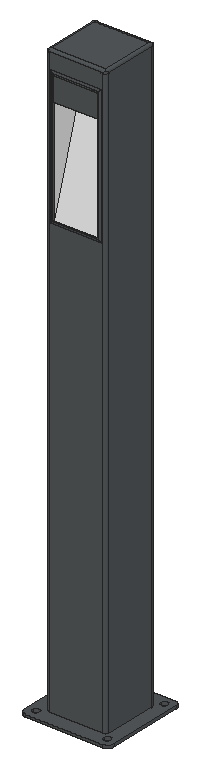
Revit family "svetilnik_alfresco_ar deko_dtu19", category Lighting Fixtures, Revit 2016 (continued)
Definition of nested family "Источник света Ар_Деко"
  Parameters (values of type "4")
           0.2       0.2       0.2       0.2       0.2       0.2       0.2       0.2\r\n       0.2       0.2       0.2       0.2       0.2       0.2       0.2       0.2\r\n       0.2       0.2       0.2       0.2       0.2       0.2       0.2       0.2\r\n       0.2       0.2       0.2       0.2       0.2       0.2       0.2       0.2\r\n       0.2       0.2       0.2       0.2       0.2       0.2       0.2       0.2\r\n       0.2       0.2       0.2       0.2       0.2       0.2       0.2       0.2\r\n       0.2       0.2       0.2       0.2       0.2       0.2       0.2       0.2\r\n       0.2       0.2       0.2       0.2       0.2       0.2       0.2       0.2\r\n       0.2       0.2       0.2       0.2       0.2       0.2       0.2       0.2\r\n       0.2       0.2       0.2       0.2       0.2       0.2       0.2       0.2\r\n       0.2       0.2       0.2       0.2       0.2       0.2       0.2       0.2\r\n       0.2       0.2       0.2       0.2       0.2       0.2       0.2       0.2\r\n       0.1       0.1       0.1       0.1       0.1       0.1       0.1       0.1\r\n       0.1       0.1       0.1       0.0       0.0       0.0       0.0       0.0\r\n       0.0       0.0       0.0       0.0       0.0\r\n       0.0       0.0       0.0       0.0       0.0       0.0       0.0       0.0\r\n       0.1       0.1       0.1       0.1       0.1       0.1       0.2       0.2\r\n       0.2       0.2       0.2       0.2       0.2       0.2       0.2       0.2\r\n       0.2       0.2       0.2       0.2       0.2       0.2       0.2       0.2\r\n       0.2       0.2       0.2       0.2       0.2       0.2       0.2       0.2\r\n       0.2       0.2       0.2       0.2       0.2       0.2       0.2       0.2\r\n       0.2       0.2       0.2       0.2       0.2       0.2       0.2       0.2\r\n       0.2       0.2       0.2       0.2       0.2       0.2       0.2       0.2\r\n       0.2       0.2       0.2       0.2       0.2       0.2       0.2       0.2\r\n       0.2       0.2       0.2       0.2       0.2       0.2       0.2       0.2\r\n       0.2       0.2       0.2       0.2       0.2       0.2       0.2       0.2\r\n       0.2       0.2       0.2       0.2       0.2       0.2       0.2       0.2\r\n       0.2       0.2       0.2       0.2       0.2       0.2       0.2       0.2\r\n       0.2       0.2       0.2       0.2       0.2       0.2       0.2       0.2\r\n       0.2       0.2       0.2       0.2       0.2       0.2       0.2       0.2\r\n       0.2       0.2       0.2       0.2       0.2       0.2       0.2       0.2\r\n       0.2       0.2       0.2       0.2       0.2       0.2       0.2       0.2\r\n       0.2       0.2       0.2       0.2       0.2       0.2       0.2       0.2\r\n       0.2       0.2       0.2       0.2       0.2       0.2       0.2       0.2\r\n       0.2       0.2       0.2       0.2       0.2       0.2       0.2       0.2\r\n       0.2       0.2       0.2       0.1       0.1       0.1       0.1       0.1\r\n       0.1       0.1       0.1       0.0       0.0       0.0       0.0       0.0\r\n       0.0       0.0       0.0       0.0       0.0\r\n       0.0       0.0       0.0       0.0       0.0       0.0       0.0       0.0\r\n       0.1       0.1       0.1       0.2       0.2       0.2       0.2       0.2\r\n       0.2       0.2       0.2       0.2       0.2       0.2       0.2       0.2\r\n       0.2       0.2       0.2       0.2       0.2       0.2       0.2       0.2\r\n       0.2       0.2       0.2       0.2       0.2       0.2       0.2       0.2\r\n       0.2       0.2       0.2       0.2       0.2       0.2       0.2       0.2\r\n       0.2       0.2       0.2       0.2       0.2       0.2       0.2       0.2\r\n       0.2       0.2       0.2       0.2       0.2       0.2       0.2       0.2\r\n       0.2       0.2       0.2       0.2       0.2       0.2       0.2       0.2\r\n       0.2       0.2       0.2       0.2       0.2       0.2       0.2       0.2\r\n       0.2       0.2       0.2       0.2       0.2       0.2       0.2       0.2\r\n       0.2       0.2       0.2       0.2       0.2       0.2       0.2       0.2\r\n       0.2       0.2       0.2       0.2       0.2       0.2       0.2       0.2\r\n       0.2       0.2       0.2       0.2       0.2       0.2       0.2       0.2\r\n       0.2       0.2       0.2       0.2       0.2       0.2       0.2       0.2\r\n       0.2       0.2       0.2       0.2       0.2       0.2       0.2       0.2\r\n       0.2       0.2       0.2       0.2       0.2       0.2       0.2       0.2\r\n       0.2       0.2       0.2       0.2       0.2       0.2       0.2       0.2\r\n       0.2       0.2       0.2       0.2       0.2       0.2       0.2       0.2\r\n       0.2       0.2       0.2       0.2       0.2       0.2       0.2       0.2\r\n       0.2       0.2       0.2       0.2       0.2       0.2       0.1       0.1\r\n       0.1       0.1       0.1       0.1       0.0       0.0       0.0       0.0\r\n       0.0       0.0       0.0       0.0       0.0\r\n       0.0       0.0       0.0       0.0       0.0       0.0       0.0       0.0\r\n       0.2       0.1       0.2       0.2       0.2       0.2       0.2       0.2\r\n       0.2       0.2       0.2       0.2       0.2       0.2       0.2       0.2\r\n       0.2       0.2       0.2       0.2       0.2       0.2       0.2       0.2\r\n       0.2       0.2       0.2       0.2       0.2       0.2       0.2       0.2\r\n       0.2       0.2       0.2       0.2       0.2       0.2       0.2       0.2\r\n       0.2       0.2       0.2       0.2       0.2       0.2       0.2       0.2\r\n       0.2       0.2       0.2       0.2       0.2       0.2       0.2       0.2\r\n       0.2       0.2       0.2       0.2       0.2       0.2       0.2       0.2\r\n       0.2       0.2       0.2       0.2       0.2       0.2       0.2       0.2\r\n       0.2       0.2       0.2       0.2       0.2       0.2       0.2       0.2\r\n       0.2       0.2       0.2       0.2       0.2       0.2       0.2       0.2\r\n       0.2       0.2       0.2       0.2       0.2       0.2       0.2       0.2\r\n       0.2       0.2       0.2       0.2       0.2       0.2       0.2       0.2\r\n       0.2       0.2       0.2       0.2       0.2       0.2       0.2       0.2\r\n       0.2       0.2       0.2       0.2       0.2       0.2       0.2       0.2\r\n       0.2       0.2       0.2       0.2       0.2       0.2       0.2       0.2\r\n       0.2       0.2       0.2       0.2       0.2       0.2       0.2       0.2\r\n       0.2       0.2       0.2       0.2       0.2       0.2       0.2       0.2\r\n       0.2       0.2       0.2       0.2       0.2       0.2       0.2       0.2\r\n       0.2       0.2       0.2       0.2       0.2       0.2       0.2       0.2\r\n       0.1       0.1       0.1       0.1       0.0       0.0       0.0       0.0\r\n       0.0       0.0       0.0       0.0       0.0\r\n       0.0       0.0       0.0       0.0       0.0       0.0       0.1       0.1\r\n       0.2       0.2       0.2       0.2       0.2       0.2       0.2       0.2\r\n       0.2       0.2       0.2       0.2       0.2       0.2       0.2       0.2\r\n       0.2       0.2       0.2       0.2       0.2       0.2       0.2       0.2\r\n       0.2       0.2       0.2       0.2       0.2       0.2       0.2       0.2\r\n       0.2       0.2       0.2       0.2       0.2       0.2       0.2       0.2\r\n       0.2       0.2       0.2       0.2       0.2       0.2       0.2       0.2\r\n       0.2       0.2       0.2       0.2       0.2       0.2       0.2       0.2\r\n       0.2       0.2       0.2       0.2       0.2       0.2       0.2       0.2\r\n       0.2       0.2       0.2       0.2       0.2       0.2       0.2       0.2\r\n       0.2       0.2       0.2       0.2       0.2       0.2       0.2       0.2\r\n       0.2       0.2       0.2       0.2       0.2       0.2       0.2       0.2\r\n       0.2       0.2       0.2       0.2       0.2       0.2       0.2       0.2\r\n       0.2       0.2       0.2       0.2       0.2       0.2       0.2       0.2\r\n       0.2       0.2       0.2       0.2       0.2       0.2       0.2       0.2\r\n       0.2       0.2       0.2       0.2       0.2       0.2       0.2       0.2\r\n       0.2       0.2       0.2       0.2       0.2       0.2       0.2       0.2\r\n       0.2       0.2       0.2       0.2       0.2       0.2       0.2       0.2\r\n       0.2       0.2       0.2       0.2       0.2       0.2       0.2       0.2\r\n       0.2       0.2       0.2       0.2       0.2       0.2       0.2       0.2\r\n       0.2       0.2       0.2       0.2       0.2       0.2       0.2       0.2\r\n       0.1       0.1       0.1       0.1       0.0       0.0       0.0       0.0\r\n       0.0       0.0       0.0       0.0       0.0\r\n       0.0       0.0       0.0       0.0       0.0       0.0       0.1       0.1\r\n       0.2       0.2       0.2       0.2       0.2       0.2       0.2       0.2\r\n       0.2       0.2       0.2       0.2       0.2       0.2       0.2       0.2\r\n       0.2       0.2       0.2       0.2       0.2       0.2       0.2       0.2\r\n       0.2       0.2       0.2       0.2       0.2       0.2       0.2       0.2\r\n       0.2       0.2       0.2       0.2       0.2       0.2       0.2       0.2\r\n       0.2       0.2       0.2       0.2       0.2       0.2       0.2       0.2\r\n       0.2       0.2       0.2       0.2       0.2       0.2       0.2       0.2\r\n       0.2       0.2       0.2       0.2       0.2       0.2       0.2       0.2\r\n       0.2       0.2       0.2       0.2       0.2       0.2       0.2       0.2\r\n       0.2       0.2       0.2       0.2       0.2       0.2       0.2       0.2\r\n       0.2       0.2       0.2       0.2       0.2       0.2       0.2       0.2\r\n       0.2       0.2       0.2       0.2       0.2       0.2       0.2       0.2\r\n       0.2       0.2       0.2       0.2       0.2       0.2       0.2       0.2\r\n       0.2       0.2       0.2       0.2       0.2       0.2       0.2       0.2\r\n       0.2       0.2       0.2       0.2       0.2       0.2       0.2       0.2\r\n       0.2       0.2       0.2       0.2       0.2       0.2       0.2       0.2\r\n       0.2       0.2       0.2       0.2       0.2       0.2       0.2       0.2\r\n       0.2       0.2       0.2       0.2       0.2       0.2       0.2       0.2\r\n       0.2       0.2       0.2       0.2       0.2       0.2       0.2       0.2\r\n       0.2       0.2       0.2       0.2       0.2       0.2       0.2       0.2\r\n       0.1       0.1       0.1       0.1       0.0       0.0       0.0       0.0\r\n       0.0       0.0       0.0       0.0       0.0\r\n       0.0       0.0       0.0       0.0       0.0       0.0       0.1       0.1\r\n       0.2       0.2       0.2       0.2       0.2       0.2       0.2       0.2\r\n       0.2       0.2       0.2       0.2       0.2       0.2       0.2       0.2\r\n       0.2       0.2       0.2       0.2       0.2       0.2       0.2       0.2\r\n       0.2       0.2       0.2       0.2       0.2       0.2       0.2       0.2\r\n       0.2       0.2       0.2       0.2       0.2       0.2       0.2       0.2\r\n       0.2       0.2       0.2       0.2       0.2       0.2       0.2       0.2\r\n       0.2       0.2       0.2       0.2       0.2       0.2       0.2       0.2\r\n       0.2       0.2       0.2       0.2       0.2       0.2       0.2       0.2\r\n       0.2       0.2       0.2       0.2       0.2       0.2       0.2       0.2\r\n       0.2       0.2       0.2       0.2       0.2       0.2       0.2       0.2\r\n       0.2       0.2       0.2       0.2       0.2       0.2       0.2       0.2\r\n       0.2       0.2       0.2       0.2       0.2       0.2       0.2       0.2\r\n       0.2       0.2       0.2       0.2       0.2       0.2       0.2       0.2\r\n       0.2       0.2       0.2       0.2       0.2       0.2       0.2       0.2\r\n       0.2       0.2       0.2       0.2       0.2       0.2       0.2       0.2\r\n       0.2       0.2       0.2       0.2       0.2       0.2       0.2       0.2\r\n       0.2       0.2       0.2       0.2       0.2       0.2       0.2       0.2\r\n       0.2       0.2       0.2       0.2       0.2       0.2       0.2       0.2\r\n       0.2       0.2       0.2       0.2       0.2       0.2       0.2       0.2\r\n       0.2       0.2       0.2       0.2       0.2       0.2       0.2       0.2\r\n       0.1       0.1       0.1       0.1       0.1       0.0       0.0       0.0\r\n       0.0       0.0       0.0       0.0       0.0\r\n       0.0       0.0       0.0       0.0       0.0       0.1       0.1       0.1\r\n       0.2       0.2       0.2       0.2       0.2       0.2       0.2       0.2\r\n       0.2       0.2       0.2       0.2       0.2       0.2       0.2       0.2\r\n       0.2       0.2       0.2       0.2       0.2       0.2       0.2       0.2\r\n       0.2       0.2       0.2       0.2       0.2       0.2       0.2       0.2\r\n       0.2       0.2       0.2       0.2       0.2       0.2       0.2       0.2\r\n       0.2       0.2       0.2       0.2       0.2       0.2       0.2       0.2\r\n       0.2       0.2       0.2       0.2       0.2       0.2       0.2       0.2\r\n       0.2       0.2       0.2       0.2       0.2       0.2       0.2       0.2\r\n       0.2       0.2       0.2       0.2       0.2       0.2       0.2       0.2\r\n       0.2       0.2       0.2       0.2       0.2       0.2       0.2       0.2\r\n       0.2       0.2       0.2       0.2       0.2       0.2       0.2       0.2\r\n       0.2       0.2       0.2       0.2       0.2       0.2       0.2       0.2\r\n       0.2       0.2       0.2       0.2       0.2       0.2       0.2       0.2\r\n       0.2       0.2       0.2       0.2       0.2       0.2       0.2       0.2\r\n       0.2       0.2       0.2       0.2       0.2       0.2       0.2       0.2\r\n       0.2       0.2       0.2       0.2       0.2       0.2       0.2       0.2\r\n       0.2       0.2       0.2       0.2       0.2       0.2       0.2       0.2\r\n       0.2       0.2       0.2       0.2       0.2       0.2       0.2       0.2\r\n       0.2       0.2       0.2       0.2       0.2       0.2       0.2       0.2\r\n       0.2       0.2       0.2       0.2       0.2       0.2       0.2       0.2\r\n       0.1       0.1       0.1       0.1       0.1       0.0       0.0       0.0\r\n       0.0       0.0       0.0       0.0       0.0\r\n       0.0       0.0       0.0       0.0       0.0       0.1       0.1       0.1\r\n       0.2       0.2       0.2       0.2       0.2       0.2       0.2       0.2\r\n       0.2       0.2       0.2       0.2       0.2       0.2       0.2       0.2\r\n       0.2       0.2       0.2       0.2       0.2       0.2       0.2       0.2\r\n       0.2       0.2       0.2       0.2       0.2       0.2       0.2       0.2\r\n       0.2       0.2       0.2       0.2       0.2       0.2       0.2       0.2\r\n       0.2       0.2       0.2       0.2       0.2       0.2       0.2       0.2\r\n       0.2       0.2       0.2       0.2       0.2       0.2       0.2       0.2\r\n       0.2       0.2       0.2       0.2       0.2       0.2       0.2       0.2\r\n       0.2       0.2       0.2       0.2       0.2       0.2       0.2       0.2\r\n       0.2       0.2       0.2       0.2       0.2       0.2       0.2       0.2\r\n       0.2       0.2       0.2       0.2       0.2       0.2       0.2       0.2\r\n       0.2       0.2       0.2       0.2       0.2       0.2       0.2       0.2\r\n       0.2       0.2       0.2       0.2       0.2       0.2       0.2       0.2\r\n       0.2       0.2       0.2       0.2       0.2       0.2       0.2       0.2\r\n       0.2       0.2       0.2       0.2       0.2       0.2       0.2       0.2\r\n       0.2       0.2       0.2       0.2       0.2       0.2       0.2       0.2\r\n       0.2       0.2       0.2       0.2       0.2       0.2       0.2       0.2\r\n       0.2       0.2       0.2       0.2       0.2       0.2       0.2       0.2\r\n       0.2       0.2       0.2       0.2       0.2       0.2       0.2       0.2\r\n       0.2       0.2       0.2       0.2       0.2       0.2       0.2       0.2\r\n       0.1       0.1       0.1       0.1       0.1       0.0       0.0       0.0\r\n      
       0.0       0.0       0.0       0.0       0.0\r\n       0.0       0.0       0.0       0.0       0.0       0.1       0.1       0.1\r\n       0.2       0.2       0.2       0.2       0.2       0.2       0.2       0.2\r\n       0.2       0.2       0.2       0.2       0.2       0.2       0.2       0.2\r\n       0.2       0.2       0.2       0.2       0.2       0.2       0.2       0.2\r\n       0.2       0.2       0.2       0.2       0.2       0.2       0.2       0.2\r\n       0.2       0.2       0.2       0.2       0.2       0.2       0.2       0.2\r\n       0.2       0.2       0.2       0.2       0.2       0.2       0.2       0.2\r\n       0.2       0.2       0.2       0.2       0.2       0.2       0.2       0.2\r\n       0.2       0.2       0.2       0.2       0.2       0.2       0.2       0.2\r\n       0.2       0.2       0.2       0.2       0.2       0.2       0.2       0.2\r\n       0.2       0.2       0.2       0.2       0.2       0.2       0.2       0.2\r\n       0.2       0.2       0.2       0.2       0.2       0.2       0.2       0.2\r\n       0.2       0.2       0.2       0.2       0.2       0.2       0.2       0.2\r\n       0.2       0.2       0.2       0.2       0.2       0.2       0.2       0.2\r\n       0.2       0.2       0.2       0.2       0.2       0.2       0.2       0.2\r\n       0.2       0.2       0.2       0.2       0.2       0.2       0.2       0.2\r\n       0.2       0.2       0.2       0.2       0.2       0.2       0.2       0.2\r\n       0.2       0.2       0.2       0.2       0.2       0.2       0.2       0.2\r\n       0.2       0.2       0.2       0.2       0.2       0.2       0.2       0.2\r\n       0.2       0.2       0.2       0.2       0.2       0.2       0.2       0.2\r\n       0.2       0.2       0.2       0.2       0.2       0.2       0.2       0.2\r\n       0.1       0.1       0.1       0.1       0.1       0.1       0.0       0.0\r\n       0.0       0.0       0.0       0.0       0.0\r\n       0.0       0.0       0.0       0.0       0.1       0.1       0.1       0.1\r\n       0.2       0.2       0.2       0.2       0.2       0.2       0.2       0.2\r\n       0.2       0.2       0.2       0.2       0.2       0.2       0.2       0.2\r\n       0.2       0.2       0.2       0.2       0.2       0.2       0.2       0.2\r\n       0.2       0.2       0.2       0.2       0.2       0.2       0.2       0.2\r\n       0.2       0.2       0.2       0.2       0.2       0.2       0.2       0.2\r\n       0.2       0.2       0.2       0.2       0.2       0.2       0.2       0.2\r\n       0.2       0.2       0.2       0.2       0.2       0.2       0.2       0.2\r\n       0.2       0.2       0.2       0.2       0.2       0.2       0.2       0.2\r\n       0.2       0.2       0.2       0.2       0.2       0.2       0.2       0.2\r\n       0.2       0.2       0.2       0.2       0.2       0.2       0.2       0.2\r\n       0.2       0.2       0.2       0.2       0.2       0.2       0.2       0.2\r\n       0.2       0.2       0.2       0.2       0.2       0.2       0.2       0.2\r\n       0.2       0.2       0.2       0.2       0.2       0.2       0.2       0.2\r\n       0.2       0.2       0.2       0.2       0.2       0.2       0.2       0.2\r\n       0.2       0.2       0.2       0.2       0.2       0.2       0.2       0.2\r\n       0.2       0.2       0.2       0.2       0.2       0.2       0.2       0.2\r\n       0.2       0.2       0.2       0.2       0.2       0.2       0.2       0.2\r\n       0.2       0.2       0.2       0.2       0.2       0.2       0.2       0.2\r\n       0.2       0.2       0.2       0.2       0.2       0.2       0.2       0.2\r\n       0.2       0.2       0.2       0.2       0.2       0.2       0.2       0.2\r\n       0.1       0.1       0.1       0.1       0.1       0.1       0.0       0.0\r\n       0.0       0.0       0.0       0.0       0.0\r\n       0.0       0.0       0.0       0.0       0.1       0.1       0.1       0.1\r\n       0.2       0.2       0.2       0.2       0.2       0.2       0.2       0.2\r\n       0.2       0.2       0.2       0.2       0.2       0.2       0.2       0.2\r\n       0.2       0.2       0.2       0.2       0.2       0.2       0.2       0.2\r\n       0.2       0.2       0.2       0.2       0.2       0.2       0.2       0.2\r\n       0.2       0.2       0.2       0.2       0.2       0.2       0.2       0.2\r\n       0.2       0.2       0.2       0.2       0.2       0.2       0.2       0.2\r\n       0.2       0.2       0.2       0.2       0.2       0.2       0.2       0.2\r\n       0.2       0.2       0.2       0.2       0.2       0.2       0.2       0.2\r\n       0.2       0.2       0.2       0.2       0.2       0.2       0.2       0.2\r\n       0.2       0.2       0.2       0.2       0.2       0.2       0.2       0.2\r\n       0.2       0.2       0.2       0.2       0.2       0.2       0.2       0.2\r\n       0.2       0.2       0.2       0.2       0.2       0.2       0.2       0.2\r\n       0.2       0.2       0.2       0.2       0.2       0.2       0.2       0.2\r\n       0.2       0.2       0.2       0.2       0.2       0.2       0.2       0.2\r\n       0.2       0.2       0.2       0.2       0.2       0.2       0.2       0.2\r\n       0.2       0.2       0.2       0.2       0.2       0.2       0.2       0.2\r\n       0.2       0.2       0.2       0.2       0.2       0.2       0.2       0.2\r\n       0.2       0.2       0.2       0.2       0.2       0.2       0.2       0.2\r\n       0.2       0.2       0.2       0.2       0.2       0.2       0.2       0.2\r\n       0.2       0.2       0.2       0.2       0.2       0.2       0.2       0.2\r\n       0.2       0.2       0.1       0.1       0.1       0.1       0.0       0.0\r\n       0.0       0.0       0.0       0.0       0.0\r\n       0.0       0.0       0.0       0.0       0.1       0.1       0.1       0.1\r\n       0.2       0.2       0.2       0.2       0.2       0.2       0.2       0.2\r\n       0.2       0.2       0.2       0.2       0.2       0.2       0.2       0.2\r\n       0.2       0.2       0.2       0.2       0.2       0.2       0.2       0.2\r\n       0.2       0.2       0.2       0.2       0.2       0.2       0.2       0.2\r\n       0.2       0.2       0.2       0.2       0.2       0.2       0.2       0.2\r\n       0.2       0.2       0.2       0.2       0.2       0.2       0.2       0.2\r\n       0.2       0.2       0.2       0.2       0.2       0.2       0.2       0.2\r\n       0.2       0.2       0.2       0.2       0.2       0.2       0.2       0.2\r\n       0.2       0.2       0.2       0.2       0.2       0.2       0.2       0.2\r\n       0.2       0.2       0.2       0.2       0.2       0.2       0.2       0.2\r\n       0.2       0.2       0.2       0.2       0.2       0.2       0.2       0.2\r\n       0.2       0.2       0.2       0.2       0.2       0.2       0.2       0.2\r\n       0.2       0.2       0.2       0.2       0.2       0.2       0.2       0.2\r\n       0.2       0.2       0.2       0.2       0.2       0.2       0.2       0.2\r\n       0.2       0.2       0.2       0.2       0.2       0.2       0.2       0.2\r\n       0.2       0.2       0.2       0.2       0.2       0.2       0.2       0.2\r\n       0.2       0.2       0.2       0.2       0.2       0.2       0.2       0.2\r\n       0.2       0.2       0.2       0.2       0.2       0.2       0.2       0.2\r\n       0.2       0.2       0.2       0.2       0.2       0.2       0.2       0.2\r\n       0.2       0.2       0.2       0.2       0.2       0.2       0.2       0.2\r\n       0.2       0.2       0.1       0.1       0.1       0.1       0.0       0.0\r\n       0.0       0.0       0.0       0.0       0.0\r\n       0.0       0.0       0.0       0.1       0.1       0.1       0.1       0.1\r\n       0.2       0.2       0.2       0.2       0.2       0.2       0.2       0.2\r\n       0.2       0.2       0.2       0.2       0.2       0.2       0.2       0.2\r\n       0.2       0.2       0.2       0.2       0.2       0.2       0.2       0.2\r\n       0.2       0.2       0.2       0.2       0.2       0.2       0.2       0.2\r\n       0.2       0.2       0.2       0.2       0.2       0.2       0.2       0.2\r\n       0.2       0.2       0.2       0.2       0.2       0.2       0.2       0.2\r\n       0.2       0.2       0.2       0.2       0.2       0.2       0.2       0.2\r\n       0.2       0.2       0.2       0.2       0.2       0.2       0.2       0.2\r\n       0.2       0.2       0.2       0.2       0.2       0.2       0.2       0.2\r\n       0.2       0.2       0.2       0.2       0.2       0.2       0.2       0.2\r\n       0.2       0.2       0.2       0.2       0.2       0.2       0.2       0.2\r\n       0.2       0.2       0.2       0.2       0.2       0.2       0.2       0.2\r\n       0.2       0.2       0.2       0.2       0.2       0.2       0.2       0.2\r\n       0.2       0.2       0.2       0.2       0.2       0.2       0.2       0.2\r\n       0.2       0.2       0.2       0.2       0.2       0.2       0.2       0.2\r\n       0.2       0.2       0.2       0.2       0.2       0.2       0.2       0.2\r\n       0.2       0.2       0.2       0.2       0.2       0.2       0.2       0.2\r\n       0.2       0.2       0.2       0.2       0.2       0.2       0.2       0.2\r\n       0.2       0.2       0.2       0.2       0.2       0.2       0.2       0.2\r\n       0.2       0.2       0.2       0.2       0.2       0.2       0.2       0.2\r\n       0.2       0.2       0.1       0.1       0.1       0.1       0.0       0.0\r\n       0.0       0.0       0.0       0.0       0.0\r\n       0.0       0.0       0.0       0.1       0.1       0.1       0.1       0.1\r\n       0.2       0.2       0.2       0.2       0.2       0.2       0.2       0.2\r\n       0.2       0.2       0.2       0.2       0.2       0.2       0.2       0.2\r\n       0.2       0.2       0.2       0.2       0.2       0.2       0.2       0.2\r\n       0.2       0.2       0.2       0.2       0.2       0.2       0.2       0.2\r\n       0.2       0.2       0.2       0.2       0.2       0.2       0.2       0.2\r\n       0.2       0.2       0.2       0.2       0.2       0.2       0.2       0.2\r\n       0.2       0.2       0.2       0.2       0.2       0.2       0.2       0.2\r\n       0.2       0.2       0.2       0.2       0.2       0.2       0.2       0.2\r\n       0.2       0.2       0.2       0.2       0.2       0.2       0.2       0.2\r\n       0.2       0.2       0.2       0.2       0.2       0.2       0.2       0.2\r\n       0.2       0.2       0.2       0.2       0.2       0.2       0.2       0.2\r\n       0.2       0.2       0.2       0.2       0.2       0.2       0.2       0.2\r\n       0.2       0.2       0.2       0.2       0.2       0.2       0.2       0.2\r\n       0.2       0.2       0.2       0.2       0.2       0.2       0.2       0.2\r\n       0.2       0.2       0.2       0.2       0.2       0.2       0.2       0.2\r\n       0.2       0.2       0.2       0.2       0.2       0.2       0.2       0.2\r\n       0.2       0.2       0.2       0.2       0.2       0.2       0.2       0.2\r\n       0.2       0.2       0.2       0.2       0.2       0.2       0.2       0.2\r\n       0.2       0.2       0.2       0.2       0.2       0.2       0.2       0.2\r\n       0.2       0.2       0.2       0.2       0.2       0.2       0.2       0.2\r\n       0.2       0.2       0.1       0.1       0.1       0.1       0.0       0.0\r\n       0.0       0.0       0.0       0.0       0.0\r\n       0.0       0.0       0.0       0.1       0.1       0.1       0.1       0.1\r\n       0.2       0.2       0.2       0.2       0.2       0.2       0.2       0.2\r\n       0.2       0.2       0.2       0.2       0.2       0.2       0.2       0.2\r\n       0.2       0.2       0.2       0.2       0.2       0.2       0.2       0.2\r\n       0.2       0.2       0.2       0.2       0.2       0.2       0.2       0.2\r\n       0.2       0.2       0.2       0.2       0.2       0.2       0.2       0.2\r\n       0.2       0.2       0.2       0.2       0.2       0.2       0.2       0.2\r\n       0.2       0.2       0.2       0.2       0.2       0.2       0.2       0.2\r\n       0.2       0.2       0.2       0.2       0.2       0.2       0.2       0.2\r\n       0.2       0.2       0.2       0.2       0.2       0.2       0.2       0.2\r\n       0.2       0.2       0.2       0.2       0.2       0.2       0.2       0.2\r\n       0.2       0.2       0.2       0.2       0.2       0.2       0.2       0.2\r\n       0.2       0.2       0.2       0.2       0.2       0.2       0.2       0.2\r\n       0.2       0.2       0.2       0.2       0.2       0.2       0.2       0.2\r\n       0.2       0.2       0.2       0.2       0.2       0.2       0.2       0.2\r\n       0.2       0.2       0.2       0.2       0.2       0.2       0.2       0.2\r\n       0.2       0.2       0.2       0.2       0.2       0.2       0.2       0.2\r\n       0.2       0.2       0.2       0.2       0.2       0.2       0.2       0.2\r\n       0.2       0.2       0.2       0.2       0.2       0.2       0.2       0.2\r\n       0.2       0.2       0.2       0.2       0.2       0.2       0.2       0.2\r\n       0.2       0.2       0.2       0.2       0.2       0.2       0.2       0.2\r\n       0.2       0.2       0.1       0.1       0.1       0.1       0.0       0.0\r\n       0.0       0.0       0.0       0.0       0.0\r\n       0.0       0.0       0.0       0.1       0.1       0.1       0.1       0.1\r\n       0.2       0.2       0.2       0.2       0.2       0.2       0.2       0.2\r\n       0.2       0.2       0.2       0.2       0.2       0.2       0.2       0.2\r\n       0.3       0.3       0.2       0.2       0.2       0.2       0.2       0.2\r\n       0.2       0.2       0.2       0.2       0.2       0.2       0.2       0.2\r\n       0.2       0.2       0.2       0.2       0.2       0.2       0.2       0.2\r\n       0.2       0.2       0.2       0.2       0.2       0.2       0.2       0.2\r\n       0.2       0.2       0.2       0.2       0.2       0.2       0.2       0.2\r\n       0.2       0.2       0.2       0.2       0.2       0.2       0.2       0.2\r\n       0.2       0.2       0.2       0.2       0.2       0.2       0.2       0.2\r\n       0.2       0.2       0.2       0.2       0.2       0.2       0.2       0.2\r\n       0.2       0.2       0.2       0.2       0.2       0.2       0.2       0.2\r\n       0.2       0.2       0.2       0.2       0.2       0.2       0.2       0.2\r\n       0.2       0.2       0.2       0.2       0.2       0.2       0.2       0.2\r\n       0.2       0.2       0.2       0.2       0.2       0.2       0.2       0.2\r\n       0.2       0.2       0.2       0.2       0.2       0.2       0.2       0.2\r\n       0.2       0.2       0.2       0.2       0.2       0.2       0.2       0.2\r\n       0.2       0.2       0.2       0.2       0.2       0.2       0.2       0.2\r\n       0.2       0.2       0.2       0.2       0.2       0.2       0.2       0.2\r\n       0.2       0.2       0.2       0.2       0.2       0.2       0.2       0.2\r\n       0.2       0.2       0.2       0.2       0.2       0.2       0.2       0.2\r\n       0.2       0.2       0.2       0.1       0.1       0.1       0.0       0.0\r\n       0.0       0.0       0.0       0.0       0.0\r\n       0.0       0.0       0.0       0.1       0.1       0.1       0.1       0.1\r\n       0.2       0.2       0.2       0.2       0.2       0.2       0.2       0.2\r\n       0.2       0.2       0.2       0.2       0.2       0.2       0.2       0.2\r\n       0.3       0.3       0.2       0.2       0.2       0.2       0.2       0.2\r\n       0.2       0.2       0.2       0.2       0.2       0.2       0.2       0.2\r\n       0.2       0.2       0.2       0.2       0.2       0.2       0.2       0.2\r\n       0.2       0.2       0.2       0.2       0.2       0.2       0.2       0.2\r\n       0.2       0.2       0.2       0.2       0.2       0.2       0.2       0.2\r\n       0.2       0.2       0.2       0.2       0.2       0.2       0.2       0.2\r\n       0.2       0.2       0.2       0.2       0.2       0.2       0.2       0.2\r\n       0.2       0.2       0.2       0.2       0.2       0.2       0.2       0.2\r\n       0.2       0.2       0.2       0.2       0.2       0.2       0.2       0.2\r\n       0.2       0.2       0.2       0.2       0.2       0.2       0.2       0.2\r\n       0.2       0.2       0.2       0.2
